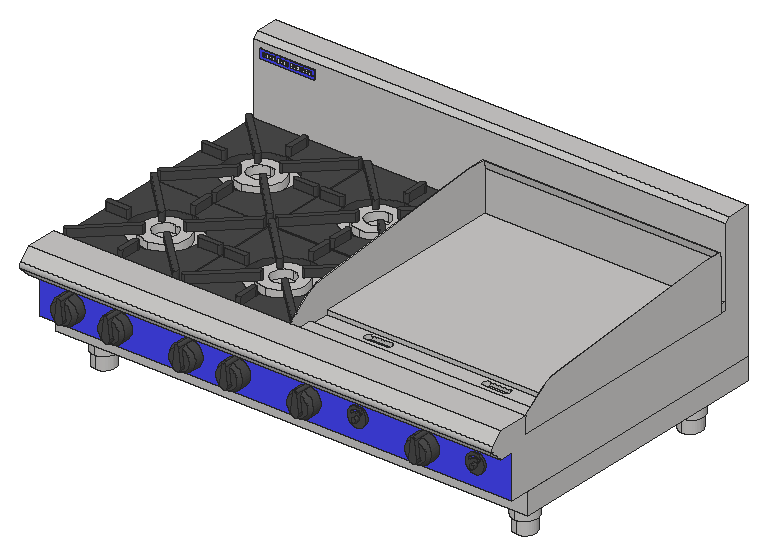
Revit family "QF_MOFFAT_BLUESEAL_CE_G518B-B", category Specialty Equipment, Revit 2012 (continued)
Definition of nested family "GAS BURNER 600 & GRIDDLE 600"
  Definition of nested family "GAS BURNER 600"
    Automatic sketch dimensions
      curve 121 to curve 124 = 49.204 mm
      curve 123 to curve 120 = 33.324 mm
      curve 123 to curve 124 = 6.4 mm
      plane 3 "LEFT" to curve 126 = 6.102 mm
      curve 125 to curve 126 = 4.525 mm
      curve 125 to curve 119 = 0 mm
      curve 125 to curve 128 = 4.525 mm
      curve 74 to curve 127 = 19.602 mm
      curve 127 to curve 119 = 62.898 mm
      curve 127 to curve 130 = 20.524 mm
      curve 131 to curve 132 = 6.4 mm
      curve 132 to plane 5 "FRONT" = 25.398 mm
      curve 132 to curve 131 = 47.704 mm
      curve 127 to curve 136 = 53.847 mm
      curve 133 to curve 136 = 4.525 mm
      curve 134 to plane 7 "Center Y" = 15.153 mm
      curve 133 to curve 134 = 4.525 mm
      curve 76 to curve 134 = 19.602 mm
      curve 127 to curve 136 = 0 mm
      curve 208 to curve 130 = 0.009 mm
      curve 130 to curve 208 = 9.316 mm
      curve 137 to curve 120 = 29.949 mm
      curve 137 to curve 200 = 0.009 mm
      curve 208 to curve 139 = 29.082 mm
      curve 137 to curve 203 = 2 mm
      curve 203 to curve 141 = 0 mm  (x2)
      curve 139 to curve 142 = 27 mm
      curve 144 to plane 7 "Center Y" = 58.102 mm
      curve 143 to plane 7 "Center Y" = 8.898 mm
      curve 135 to curve 144 = 20.524 mm
      curve 144 to curve 144 = 6.4 mm
      plane 7 "Center Y" to curve 149 = 6.102 mm
      curve 148 to curve 148 = 4.525 mm
      plane 7 "Center Y" to curve 150 = 114.025 mm
      curve 149 to curve 150 = 4.525 mm
      curve 143 to curve 150 = 20.524 mm
      curve 149 to curve 80 = 10.653 mm
      curve 151 to curve 53 = 0 mm
      curve 151 to curve 154 = 6.4 mm
      curve 152 to plane 8 "Center X" = 60.602 mm
      curve 151 to plane 8 "Center X" = 11.398 mm
      curve 150 to curve 156 = 53.847 mm
      curve 156 to curve 156 = 4.525 mm
      curve 155 to curve 86 = 11.153 mm
      curve 155 to curve 158 = 4.525 mm
      curve 157 to curve 150 = 9.051 mm
      curve 158 to curve 86 = 10.653 mm
      plane 4 "RIGHT" to curve 160 = 58.102 mm
      plane 4 "RIGHT" to curve 159 = 8.898 mm
      curve 161 to curve 156 = 33.324 mm
      curve 160 to curve 160 = 6.4 mm
      curve 164 to curve 156 = 9.051 mm
      curve 164 to curve 164 = 4.525 mm
      plane 4 "RIGHT" to curve 165 = 15.153 mm
      curve 165 to curve 166 = 4.525 mm
      curve 84 to curve 165 = 19.602 mm
      curve 164 to curve 156 = 62.898 mm
      plane 7 "Center Y" to curve 170 = 6.102 mm
      curve 170 to curve 170 = 4.525 mm
      curve 168 to curve 150 = 0 mm
      curve 168 to curve 168 = 4.525 mm  (x2)
      curve 82 to curve 170 = 19.602 mm
      curve 167 to curve 164 = 0 mm
      plane 7 "Center Y" to curve 171 = 8.898 mm
      curve 174 to curve 172 = 49.204 mm
      curve 169 to curve 172 = 20.524 mm
      curve 171 to curve 172 = 6.4 mm
      curve 167 to curve 176 = 20.524 mm
      curve 178 to curve 178 = 6.4 mm
      curve 177 to plane 5 "FRONT" = 25.398 mm
      curve 175 to curve 175 = 47.704 mm
      curve 180 to curve 156 = 31.44 mm
      curve 176 to curve 180 = 9.316 mm
      curve 180 to curve 156 = 29.949 mm
      curve 182 to curve 179 = 0.009 mm
      curve 195 to curve 181 = 29.082 mm
      curve 179 to curve 181 = 2 mm
      curve 181 to curve 183 = 0 mm  (x2)
      curve 181 to curve 184 = 27 mm
      curve 37 to curve 38 = 0 mm  (x2)
      curve 185 to curve 100 = 22.227 mm
      curve 37 to curve 185 = 0 mm
      curve 2 to curve 37 = 22.219 mm
      curve 35 to curve 36 = 0 mm  (x2)
      curve 88 to curve 35 = 3.923 mm
      curve 35 to curve 211 = 0 mm
      curve 193 to curve 92 = 13.004 mm
      curve 29 to curve 30 = 0 mm  (x2)
      curve 189 to curve 10 = 13.126 mm
      curve 29 to curve 189 = 0 mm  (x2)
      curve 18 to curve 190 = 4.076 mm
      curve 29 to curve 190 = 0 mm
      curve 29 to curve 191 = 0 mm  (x2)
      curve 26 to curve 29 = 3.923 mm
      curve 189 to curve 50 = 13.004 mm
      curve 35 to curve 188 = 0 mm
      curve 35 to curve 193 = 0 mm  (x2)
      curve 193 to curve 100 = 13.126 mm
      curve 179 to curve 180 = 0 mm  (x2)
      curve 156 to curve 194 = 33.052 mm
      curve 179 to curve 194 = 0 mm  (x2)
      curve 179 to curve 195 = 0 mm
      curve 181 to curve 198 = 0 mm  (x2)
      curve 164 to curve 181 = 2.142 mm
      curve 181 to curve 196 = 0 mm  (x2)
      curve 198 to curve 168 = 11.581 mm
      curve 181 to curve 182 = 0 mm  (x2)
      curve 182 to curve 150 = 5.985 mm
      curve 181 to curve 197 = 0 mm
      curve 156 to curve 196 = 14.64 mm
      curve 203 to curve 140 = 0 mm  (x2)
      curve 114 to curve 200 = 5.985 mm
      curve 203 to curve 200 = 0 mm
      curve 201 to curve 120 = 14.64 mm
      curve 203 to curve 201 = 0 mm  (x2)
      curve 201 to curve 128 = 11.581 mm
      curve 139 to curve 140 = 0 mm  (x2)
      curve 136 to curve 139 = 2.142 mm
      curve 137 to curve 138 = 0 mm  (x2)
      curve 203 to curve 137 = 9.467 mm
      curve 137 to curve 204 = 0 mm  (x2)
      curve 137 to curve 204 = 8.936 mm
      curve 137 to curve 205 = 0 mm
      curve 205 to curve 140 = 18.13 mm
      curve 206 to curve 205 = 8.937 mm
      curve 206 to curve 205 = 9.165 mm
      curve 137 to curve 206 = 0 mm  (x2)
      curve 138 to curve 201 = 11.124 mm
      curve 139 to curve 202 = 0 mm  (x2)
      curve 202 to curve 202 = 1.784 mm
      curve 137 to curve 208 = 0 mm
      curve 203 to curve 204 = 20.253 mm
      curve 208 to curve 204 = 9.136 mm
      curve 208 to curve 204 = 8.967 mm
      curve 139 to curve 207 = 0 mm
      curve 139 to curve 203 = 9.439 mm
      curve 202 to curve 207 = 4.893 mm
      curve 207 to curve 202 = 4.003 mm
      curve 206 to curve 138 = 9.138 mm
      curve 138 to curve 206 = 8.965 mm
      curve 201 to curve 202 = 2.762 mm
      curve 202 to curve 201 = 2.96 mm
      curve 206 to curve 201 = 18.412 mm
      curve 203 to curve 136 = 6.958 mm
      curve 200 to curve 203 = 8.655 mm
      curve 201 to curve 140 = 9.447 mm
      curve 179 to curve 209 = 0 mm
      curve 210 to curve 182 = 27.057 mm
      curve 179 to curve 210 = 0 mm  (x2)
      curve 180 to curve 197 = 25.774 mm
      curve 181 to curve 199 = 0 mm
      curve 180 to curve 198 = 16.335 mm
      curve 198 to curve 182 = 8.655 mm
      curve 198 to curve 169 = 6.958 mm
      curve 199 to curve 196 = 8.655 mm
      curve 196 to curve 199 = 9.447 mm
      curve 181 to curve 196 = 9.439 mm
      curve 181 to curve 196 = 8.668 mm
      curve 210 to curve 209 = 8.936 mm
      curve 195 to curve 194 = 9.138 mm
      curve 179 to curve 194 = 8.937 mm
      curve 194 to curve 179 = 9.165 mm
      curve 195 to curve 194 = 8.965 mm
      curve 35 to curve 187 = 0 mm  (x2)
      curve 2 to curve 187 = 13.126 mm
      curve 31 to curve 32 = 0 mm  (x2)
      curve 212 to curve 189 = 9.093 mm
      curve 31 to curve 212 = 0 mm
      curve 190 to curve 31 = 18.152 mm
      curve 31 to curve 213 = 0 mm  (x2)
      curve 29 to curve 214 = 19.967 mm
      curve 31 to curve 214 = 0 mm
      curve 31 to curve 215 = 0 mm  (x2)
      curve 32 to curve 192 = 19.959 mm
      curve 31 to curve 213 = 9.204 mm
      curve 29 to curve 192 = 0 mm
      curve 190 to curve 191 = 9.051 mm
      curve 214 to curve 213 = 8.97 mm
      curve 214 to curve 213 = 9.134 mm
      curve 29 to curve 191 = 9.081 mm
      curve 29 to curve 191 = 9.019 mm
      curve 32 to curve 189 = 10.878 mm
      curve 192 to curve 189 = 9.019 mm
      curve 215 to curve 32 = 8.969 mm
      curve 32 to curve 215 = 9.135 mm
      curve 215 to curve 212 = 9.203 mm
      curve 215 to curve 212 = 8.899 mm
      curve 189 to curve 30 = 9.051 mm  (x2)
      curve 37 to curve 186 = 0 mm  (x2)
      curve 187 to curve 186 = 19.847 mm
      curve 37 to curve 216 = 0 mm
      curve 216 to curve 186 = 8.969 mm
      curve 35 to curve 187 = 9.081 mm
      curve 193 to curve 188 = 9.081 mm
      curve 188 to curve 193 = 9.019 mm
      curve 37 to curve 217 = 0 mm  (x2)
      curve 38 to curve 193 = 10.886 mm
      curve 217 to curve 38 = 8.97 mm
      curve 38 to curve 217 = 9.134 mm
      curve 217 to curve 185 = 9.204 mm
      curve 216 to curve 186 = 9.135 mm
      curve 37 to curve 186 = 9.203 mm
      curve 186 to curve 37 = 8.899 mm
      curve 211 to curve 187 = 9.051 mm
      curve 187 to curve 87 = 8.754 mm
      curve 193 to curve 36 = 9.051 mm
      curve 2 to curve 211 = 8.601 mm
      radius of Extrusion 1 sketch curve = 84.082 mm  (x2)
      radius of Extrusion 4 sketch curve = 84.082 mm  (x2)
  Definition of nested family "GAS GRIDDLE PLATE 600"
    Parameters (values of type "GAS GRIDDLE PLATE 600")
      Width [instance] = 600 mm
      Weight in Pounds = 0
      URL Cutsheet = ""
      Type Mark [instance] = ""
      Status [instance] = ""
      Specification by User [instance] = ""
      Specification by Manufacturer = ""
      Serial Number = ""
      Seismic Rating = ""
      SMACNA No = ""
      Revision Code [instance] = ""
      Omniclass Number and Title = ""
      NAFEM Spec ID Number = ""
      Masterspec = ""
      Item Number [instance] = ""
      Installed By [instance] = ""
      Identify Quantity as Lot [instance] = yes
      Furnished By [instance] = ""
      Foodservice Equipment Identifier [instance] = yes
      Depth [instance] = 620 mm
      CSI MasterFormat = ""
      CSI Master Format = ""
    Reference planes
      plane 1 "BACK": y = 0
      plane 2: z = 0
      plane 3 "LEFT": x = 0
      plane 4 "RIGHT": x = 600
      plane 5 "FRONT": y = -620
      plane 6 "TOP": z = 142.5
      plane 7 "Center Y": x = 300
      plane 8 "Center X": y = -310
      plane 9: y = -530.997
      plane 10: y = -541.497
      plane 11: y = -503.25
      plane 12: y = -557.737
    Forms (mm)
      Extrusion 1, solid, material "QF_Finishes_Stainless Steel"
        sketch origin (0, 70.003, -874.5) x (0, 1, 0) y (0, 0, 1)
          loop
            line (-70, 875) -> (-70, 997.489) -> (-75.228, 1017) -> (-117.24, 1017) -> (-589.533, 971.523)
            arc (-589.533, 971.523) -> (-614.56, 965.803) -> (-637.306, 953.899) r 100
            line (-637.306, 953.899) -> (-690.003, 917) -> (-690.003, 875) -> (-70, 875)
        from 0 to 1.8
      Extrusion 2, solid, material "QF_Finishes_Stainless Steel"
        sketch origin (600, 70.003, -874.5) x (0, -1, 0) y (0, 0, 1)
          loop
            line (70, 875) -> (690.003, 875) -> (690.003, 917) -> (637.306, 953.899)
            arc (637.306, 953.899) -> (614.56, 965.803) -> (589.533, 971.523) r 100
            line (589.533, 971.523) -> (117.24, 1017) -> (75.228, 1017) -> (70, 997.489) -> (70, 875)
        from 0 to 1.2
      Extrusion 3, solid, material "QF_Finishes_Stainless Steel"
        sketch origin (150, 70.003, -874.5) x (0, 1, 0) y (0, 0, 1)
          loop
            line (-55, 895) -> (-573.253, 895) -> (-573.253, 884.5) -> (-627.74, 884.5) -> (-627.74, 895) -> (-690.003, 895) -> (-690.003, 875) -> (-55, 875) -> (-55, 895)
        from -148.2 to 448.8
      Extrusion 4, void
        sketch origin (150, -541.497, 10) x (0, -1, 0) y (1, 0, 0)
          loop
            arc (-7.497, 25.113) -> (-17.497, 35.113) -> (-27.497, 25.113) r 10
            line (-27.497, 25.113) -> (-27.497, -24.887)
            arc (-27.497, -24.887) -> (-17.497, -34.887) -> (-7.497, -24.887) r 10
            line (-7.497, -24.887) -> (-7.497, 25.113)
          loop
            line (-7.497, 274.887) -> (-7.497, 324.887)
            arc (-7.497, 324.887) -> (-17.497, 334.887) -> (-27.497, 324.887) r 10
            line (-27.497, 324.887) -> (-27.497, 274.887)
            arc (-27.497, 274.887) -> (-17.497, 264.887) -> (-7.497, 274.887) r 10
        from -41.4 to 40.142
      Extrusion 5, solid, material "QF_Finishes_Stainless Steel"
        sketch origin (0, 70.003, -874.5) x (0, 1, 0) y (0, 0, 1)
          loop
            line (-70, 875) -> (-70, 997.489) -> (-75.228, 1017) -> (-76.884, 1017) -> (-71.6, 997.278) -> (-71.6, 875) -> (-70, 875)
        from 0 to 598.8
    Cuts and joins
      Extrusion 4 cuts Extrusion 3
      joined: Extrusion 1, Extrusion 2, Extrusion 3, Extrusion 5
    Lines and regions (mm)
      symbolic lines
        curve 1: line (600, -503.25, 0) -> (0, -503.25, 0)
        curve 2: line (0, -557.737, 0) -> (600, -557.737, 0)
        curve 3: line (0, -1.68, 0) -> (600, -1.68, 0)
        curve 4: line (600, -1.68, 0) -> (600, -620, 0)
        curve 5: line (0, -620, 0) -> (0, -1.68, 0)
        curve 6: line (0, -620, 0) -> (600, -620, 0)
        curve 7: arc (175.113, -534, 0) -> (185.113, -524, 0) -> (175.113, -514, 0) r 10
        curve 8: line (175.113, -514, 0) -> (125.113, -514, 0)
        curve 9: arc (125.113, -514, 0) -> (115.113, -524, 0) -> (125.113, -534, 0) r 10
        curve 10: line (125.113, -534, 0) -> (175.113, -534, 0)
        curve 11: arc (424.887, -534, 0) -> (414.887, -524, 0) -> (424.887, -514, 0) r 10
        curve 12: line (424.887, -514, 0) -> (474.887, -514, 0)
        curve 13: arc (474.887, -514, 0) -> (484.887, -524, 0) -> (474.887, -534, 0) r 10
        curve 14: line (474.887, -534, 0) -> (424.887, -534, 0)
    Dimensions and locks
      equal spacing: plane 3 "LEFT", plane 7 "Center Y", plane 4 "RIGHT"
      "Width": plane 3 "LEFT" to plane 4 "RIGHT"
      equal spacing: plane 5 "FRONT", plane 8 "Center X", plane 1 "BACK"
      "Depth": plane 5 "FRONT" to plane 1 "BACK"
      locked: Extrusion 2 to Extrusion 2 at 1.2
      aligned and locked: level to plane 2
      aligned and locked: Extrusion 2 to plane 4 "RIGHT"
      aligned and locked: curve 1 to plane 11
      aligned and locked: plane 12 to curve 2
      aligned and locked: Extrusion 5 to cut or joined group of Extrusion 1, Extrusion 2, Extrusion 3, Extrusion 4, Extrusion 5
    Automatic sketch dimensions
      Extrusion 1 sketch curve to plane 5 "FRONT" = 0 mm
      Extrusion 1 sketch curve to plane 6 "TOP" = 0 mm
      plane 12 to Extrusion 1 sketch curve = 9.566 mm
      plane 11 to Extrusion 1 sketch curve = 16.28 mm
      Extrusion 1 sketch curve to level = 2.516 mm
      plane 11 to Extrusion 1 sketch curve = 6.695 mm
      plane 1 "BACK" to Extrusion 1 sketch curve = 47.237 mm
      plane 1 "BACK" to Extrusion 1 sketch curve = 5.225 mm
      Extrusion 1 sketch curve to plane 1 "BACK" = 0.003 mm
      level to Extrusion 1 sketch curve = 0.5 mm
      Extrusion 1 sketch curve to Extrusion 1 sketch curve = 42 mm
      Extrusion 1 sketch curve to plane 6 "TOP" = 63.101 mm
      Extrusion 1 sketch curve to plane 6 "TOP" = 19.511 mm
      Extrusion 2 sketch curve to plane 6 "TOP" = 0 mm
      Extrusion 2 sketch curve to plane 5 "FRONT" = 0 mm
      plane 12 to Extrusion 2 sketch curve = 9.566 mm
      plane 11 to Extrusion 2 sketch curve = 16.28 mm
      Extrusion 2 sketch curve to level = 2.516 mm
      plane 11 to Extrusion 2 sketch curve = 6.695 mm
      plane 1 "BACK" to Extrusion 2 sketch curve = 47.237 mm
      plane 1 "BACK" to Extrusion 2 sketch curve = 5.225 mm
      Extrusion 2 sketch curve to plane 1 "BACK" = 0.003 mm
      level to Extrusion 2 sketch curve = 0.5 mm
      Extrusion 2 sketch curve to Extrusion 2 sketch curve = 42 mm
      Extrusion 2 sketch curve to plane 6 "TOP" = 63.101 mm
      Extrusion 2 sketch curve to plane 6 "TOP" = 19.511 mm
      Extrusion 3 sketch curve to plane 5 "FRONT" = 0 mm
      Extrusion 3 sketch curve to plane 12 = 0 mm
      Extrusion 3 sketch curve to plane 11 = 0 mm
      Extrusion 3 sketch curve to plane 1 "BACK" = 15.003 mm
      level to Extrusion 3 sketch curve = 0.5 mm
      level to Extrusion 3 sketch curve = 10 mm
      Extrusion 3 sketch curve to Extrusion 3 sketch curve = 10.5 mm  (x2)
      plane 1 "BACK" to Extrusion 5 sketch curve = 5.225 mm
      Extrusion 5 sketch curve to plane 1 "BACK" = 0.003 mm
      Extrusion 5 sketch curve to plane 6 "TOP" = 19.511 mm
      Extrusion 5 sketch curve to Extrusion 5 sketch curve = 1.6 mm
      Extrusion 5 sketch curve to Extrusion 5 sketch curve = 0.211 mm
      Extrusion 5 sketch curve to plane 6 "TOP" = 0 mm
      Extrusion 5 sketch curve to Extrusion 5 sketch curve = 1.656 mm
      level to Extrusion 5 sketch curve = 0.5 mm
      plane 11 to Extrusion 4 sketch curve = 10.75 mm  (x2)
      Extrusion 4 sketch curve to Extrusion 4 sketch curve = 10 mm  (x2)
      plane 3 "LEFT" to Extrusion 4 sketch curve = 125.113 mm
      Extrusion 4 sketch curve to Extrusion 4 sketch curve = 50 mm  (x2)
      plane 7 "Center Y" to Extrusion 4 sketch curve = 124.887 mm
      curve 6 to plane 3 "LEFT" = 0 mm
      curve 3 to plane 4 "RIGHT" = 0 mm
      plane 5 "FRONT" to curve 6 = 0 mm
      plane 11 to curve 8 = 10.75 mm
      plane 3 "LEFT" to curve 8 = 125.113 mm
      curve 10 to plane 12 = 23.737 mm
      curve 9 to curve 10 = 50 mm
      curve 11 to plane 12 = 23.737 mm
      plane 7 "Center Y" to curve 11 = 124.887 mm
      plane 11 to curve 12 = 10.75 mm
      curve 12 to curve 12 = 50 mm
      plane 1 "BACK" to curve 3 = 1.68 mm
